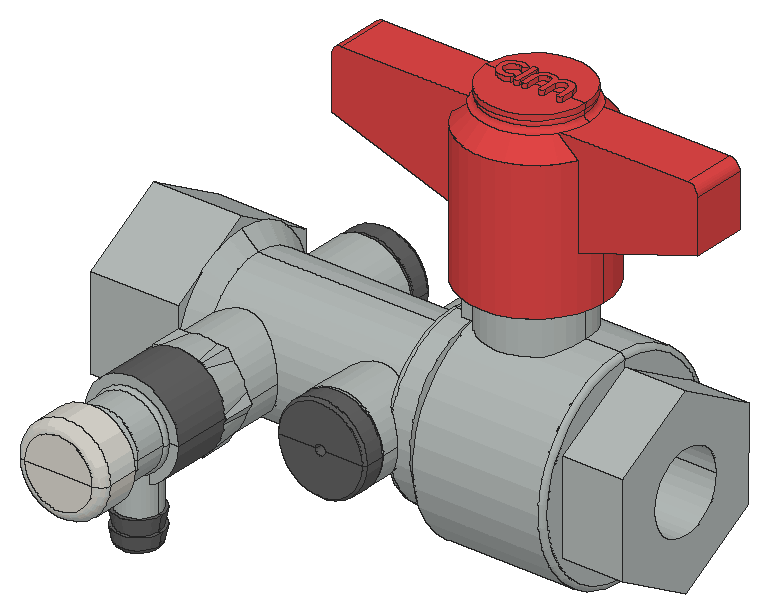
Revit family "QD38000000", category Apparecchi idraulici, Revit 2020
Family settings
  Quota connettore circolare = Usa diametro
  Tipo di parte = Normale
  Numero OmniClass = 23.45.00.00
  Titolo OmniClass = Sanitary, Laundry, and Cleaning Equipment
  Basato su piano di lavoro = No
  Sempre verticale = Sì
  Taglio con vuoti quando caricato = No
  Condiviso = No
  Punto di calcolo locali = No
Parameters
  URL = "https://web.cimberio.it/index.php/figura/214?subcategoria_id=42343"
  Temperatura di esercizio = "-20 ÷ 90°C"
  Prospetto di default = 0 mm
  Produttore = "CIMBERIO SPA"
  Pressione nominale = "PN 16"
  Modello = "Cim 212"
  Materiale = "Prodotto in lega di ottone conforme alla norma EN 12165-CW617N-DW"
  Descrizione = "Impiegato nei più svariati settori dell'impiantistica in condutture anti-ritorno per: reti di distribuzione acqua potabile, impianti di riscaldamento, condizionamento, igienico-sanitari e in generale con ogni fluido non corrosivo."
  DN Model [instance] = QD38002079 : QD38002079
  DN [instance] = 15 mm
  Commenti sul tipo = "Realizzato in ottemperanza ai requisiti gestionali della norma EN ISO 9001.\r\nCollaudato al 100% secondo la normativa EN 12266-1"
Reference planes
  plane 1 "Centro (Fronte/Retro)": y = 0
  plane 2: z = 0
  plane 3 "Centro (Sinistra/Destra)": x = 0
Dimensions and locks
  aligned and locked: level to plane 2
Nested families
  nested 1: "QD38002079" at (0, 0, 0), type <- "DN Model", type "QD38002079"
  nested 2: "QD38002079" at (0, 0, 0), type <- "DN Model", type "QD38002079"
  nested 3: "QD38002079" at (0, 0, 0), type <- "DN Model", type "QD38002079"
Connectors
  piping at (28.6, 0, 0), diameter 15, driven by "DN"
    settings: on nested 1, index 1, connector inside diameter 609.6 mm, connector length 0 mm, flow factor 0, pipe flow 0.0 L/s, pressure drop 0.0 Pa, fitting loss kfactor 0, connector angle 0.00°, fixture units 0, engagement length 0 mm, angle of deflection 0.00°, flow configuration 0, flow direction 0, fitting loss method 0, system type 7, joint type 0, gender type 0, connector reference index -1, connector utility 0, adjustable connector no, is connector primary yes, connector description ""
  piping at (-73, 0, 0), diameter 15, driven by "DN"
    settings: on nested 1, index 2, connector inside diameter 609.6 mm, connector length 0 mm, flow factor 0, pipe flow 0.0 L/s, pressure drop 0.0 Pa, fitting loss kfactor 0, connector angle 0.00°, fixture units 0, engagement length 0 mm, angle of deflection 0.00°, flow configuration 0, flow direction 0, fitting loss method 0, system type 7, joint type 0, gender type 0, connector reference index -1, connector utility 0, adjustable connector no, is connector primary no, connector description ""
Definition of nested family "QD38002079"
  Parameters (values of type "QD38002079")
    Default Elevation = 0 mm
  Reference planes
    plane 1 "Centro (Fronte/Retro)": y = 0
    plane 2: z = 0
    plane 3 "Centro (Sinistra/Destra)": x = 0
  Forms (mm)
    Revolve 1, solid
      sketch origin (0, 0, 13.634) x (1, 0, 0) y (0, 0, 1)
        loop
          line (0, 43.3) -> (-9.25, 43.3) -> (-13, 39.55) -> (-13, 13.273) -> (-7.802, 13.273) -> (-7.802, 39.889) -> (0, 39.889) -> (0, 43.3)
        axis (0, 43.3) -> (0, 13.273)
      angle from 0 to 360
    Extrusion 2, void
      sketch origin (0, 0, 11.134) x (1, 0, 0) y (0, 1, 0)
        loop
          arc (-12.226, -0.772) -> (-7.782, -9.46) -> (1.6, -12.145) r 12.25
          line (1.6, -12.145) -> (1.6, -7.898)
          arc (1.6, -7.898) -> (-2.859, -5.409) -> (-4.999, -0.772) r 8.25
          line (-4.999, -0.772) -> (-12.226, -0.772)
      from 21.96 to 28.8
    Revolve 3, solid
      sketch origin (0, 0, 11.134) x (1, 0, 0) y (0, 0, 1)
        loop
          line (-9.381, 13.852) -> (-9.381, 7.3) -> (0.067, 7.3) -> (0.067, 22.896) -> (-10.085, 22.896) -> (-9.887, 14.5)
          arc (-9.887, 14.5) -> (-9.688, 14.134) -> (-9.381, 13.852) r 1.269
        axis (0.067, 7.3) -> (0.067, 22.896)
      angle from 0 to 360
    Revolve 4, solid
      sketch origin (0, 0, 0) x (1, 0, 0) y (0, 0, 1)
        loop
          line (16.97, -7.5) -> (-56.174, -7.5) -> (-56.174, -15.598) -> (-53.119, -12.55) -> (-17.13, -12.55)
          arc (-17.13, -12.55) -> (-16.423, -12.843) -> (-16.13, -13.55) r 1
          line (-16.13, -13.55) -> (-16.13, -15.31)
          arc (-16.13, -15.31) -> (-15.84, -16.01) -> (-15.14, -16.3) r 0.99
          line (-15.14, -16.3) -> (-11.131, -16.3) -> (-7.881, -19.55) -> (15.97, -19.55)
          arc (15.97, -19.55) -> (16.677, -19.257) -> (16.97, -18.55) r 1
          line (16.97, -18.55) -> (16.97, -7.5)
        axis (16.97, 0) -> (-56.174, 0)
      angle from 0 to 360
    Extrusion 5, solid
      sketch origin (0, 0, 3.134) x (1, 0, 0) y (0, 0, 1)
        loop
          line (-15, 27.3) -> (-15, 23.155) -> (-13, 22) -> (-13, 12.307) -> (-7.367, 12.307) -> (-7.367, 27.3) -> (-15, 27.3)
      from 0 to 1.5
    Revolve 6, solid
      sketch origin (-31.143, -34.767, -0.039) x (1, 0, 0) y (0, 0, 1)
        loop
          line (-17, -20) -> (-13.553, -20)
          arc (-13.553, -20) -> (-13.187, -19.796) -> (-13.022, -19.411) r 0.647
          line (-13.022, -19.411) -> (-12.5, -17) -> (-17, -17) -> (-17, -20)
        axis (-17, -17) -> (-17, -20)
      angle from 0 to 360
    Revolve 7, solid
      sketch origin (-31.143, -34.767, -0.039) x (1, 0, 0) y (0, 0, 1)
        loop
          line (-12.5, -14) -> (-17, -14) -> (-17, -17) -> (-13.15, -17) -> (-12.5, -14)
        axis (-17, -14) -> (-17, -17)
      angle from 0 to 360
    Revolve 8, solid
      sketch origin (-31.143, -34.722, -0.039) x (1, 0, 0) y (0, 0, 1)
        loop
          line (-13.15, -1.135) -> (-17, -1.135) -> (-17, -14) -> (-13.15, -14) -> (-13.15, -1.135)
        axis (-17, -1.135) -> (-17, -14)
      angle from 0 to 360
    Extrusion 9, solid
      sketch origin (-31.001, 1, 0) x (1, 0, 0) y (0, 0, 1)
        loop
          line (-7.65, 0) -> (-12.325, 8.097) -> (-21.675, 8.097) -> (-26.35, 0) -> (-21.675, -8.097) -> (-12.325, -8.097) -> (-7.65, 0)
      from 20.5 to 26.5
    Revolve 10, solid
      sketch origin (-31.001, 1, 0) x (1, 0, 0) y (0, 1, 0)
        loop
          line (-8.5, -20.5) -> (-8.5, -7.5) -> (-17, -7.5) -> (-17, -47.3) -> (-12.353, -47.3) -> (-12.353, -45) -> (-10.936, -45) -> (-10.2, -44.5) -> (-10.2, -38.7)
          arc (-10.2, -38.7) -> (-9.788, -38.157) -> (-9.967, -37.5) r 0.771
          line (-9.967, -37.5) -> (-8, -37.5) -> (-8, -26.5) -> (-8.5, -20.5)
        axis (-17, -7.5) -> (-17, -47.3)
      angle from 0 to 360
    Revolve 11, solid
      sketch origin (-31.001, 1, 0) x (1, 0, 0) y (0, 1, 0)
        loop
          line (-17, -47.3) -> (-17, -55) -> (-10.6, -55)
          arc (-10.6, -55) -> (-9.186, -54.414) -> (-8.6, -53) r 2
          line (-8.6, -53) -> (-8.6, -47.3) -> (-17, -47.3)
        axis (-17, -47.3) -> (-17, -55)
      angle from 0 to 360
    Revolve 12, solid
      sketch origin (-5.001, -1.508, 0) x (1, 0, 0) y (0, 1, 0)
        loop
          line (-25.5, 20.991) -> (-25.5, 8.572) -> (-17, 8.572) -> (-17, 20.991) -> (-25.5, 20.991)
        axis (-17, 20.991) -> (-17, 8.572)
      angle from 0 to 360
    Revolve 13, solid
      sketch origin (-4.923, -1, 0) x (1, 0, 0) y (0, 1, 0)
        loop
          line (-17, 23) -> (-17.857, 23) -> (-17.997, 25) -> (-25, 25) -> (-25.496, 24.388) -> (-25.496, 21) -> (-24.936, 20.44) -> (-17, 20.44) -> (-17, 23)
        axis (-17, 25) -> (-17, 20.44)
      angle from 0 to 360
    Extrusion 14, solid
      sketch origin (0, 0, 0) x (0, 1, 0) y (0, 0, 1)
        loop
          circle (0, 0) r 7.5
        loop
          line (0, 17.35) -> (-15.026, 8.675) -> (-15.026, -8.675) -> (0, -17.35) -> (15.026, -8.675) -> (15.026, 8.675) -> (0, 17.35)
      from 16.97 to 28.6
    Extrusion 15, solid
      sketch origin (0, 0, 0) x (0, 1, 0) y (0, 0, 1)
        loop
          circle (0, 0) r 7.5
        loop
          line (0, 17.5) -> (-15.155, 8.75) -> (-15.155, -8.75) -> (0, -17.5) -> (15.155, -8.75) -> (15.155, 8.75) -> (0, 17.5)
      from -73 to -56.174
    Extrusion 16, solid
      sketch origin (0, 0, 7.134) x (1, 0, 0) y (0, 0, 1)
        loop
          line (-6.487, 49.8) -> (-33, 49.8)
          arc (-33, 49.8) -> (-34.415, 49.214) -> (-35, 47.798) r 2
          line (-35, 47.798) -> (-35, 37.8) -> (-11.756, 30.193) -> (-6.487, 30.193) -> (-6.487, 49.8)
        loop
          line (6.487, 49.8) -> (6.487, 30.193) -> (11.756, 30.193) -> (35, 37.8) -> (35, 47.798)
          arc (35, 47.798) -> (34.415, 49.214) -> (33, 49.8) r 2
          line (33, 49.8) -> (6.487, 49.8)
      from -5 to 5
    Revolve 17, solid
      sketch origin (-5.001, 1.508, 0) x (1, 0, 0) y (0, 1, 0)
        loop
          line (-25.5, -20.991) -> (-17, -20.991) -> (-17, -8.572) -> (-25.5, -8.572) -> (-25.5, -20.991)
        axis (-17, -20.991) -> (-17, -8.572)
      angle from 0 to 360
    Revolve 18, solid
      sketch origin (-4.923, 1, 0) x (1, 0, 0) y (0, 1, 0)
        loop
          line (-17, -23) -> (-17, -20.44) -> (-24.936, -20.44) -> (-25.496, -21) -> (-25.496, -24.388) -> (-25, -25) -> (-17.997, -25) -> (-17.857, -23) -> (-17, -23)
        axis (-17, -25) -> (-17, -20.44)
      angle from 0 to 360
    Revolve 19, solid
      sketch origin (-30.998, -1.508, 0) x (1, 0, 0) y (0, 1, 0)
        loop
          line (-25.5, 20.991) -> (-25.5, 8.572) -> (-17, 8.572) -> (-17, 20.991) -> (-25.5, 20.991)
        axis (-17, 20.991) -> (-17, 8.572)
      angle from 0 to 360
    Revolve 20, solid
      sketch origin (-30.92, -1, 0) x (1, 0, 0) y (0, 1, 0)
        loop
          line (-17, 23) -> (-17.857, 23) -> (-17.997, 25) -> (-25, 25) -> (-25.496, 24.388) -> (-25.496, 21) -> (-24.936, 20.44) -> (-17, 20.44) -> (-17, 23)
        axis (-17, 25) -> (-17, 20.44)
      angle from 0 to 360
    Revolve 21, solid
      sketch origin (0, 0, 0) x (1, 0, 0) y (0, 0, 1)
        loop
          line (0, 59.934) -> (0, 56.934) -> (10.242, 56.934)
          arc (10.242, 56.934) -> (9.547, 57.222) -> (9.259, 57.916) r 0.983
          arc (9.259, 57.916) -> (9.145, 58.515) -> (8.704, 58.934) r 0.992
          line (8.704, 58.934) -> (9.5, 58.934) -> (9.5, 59.934) -> (0, 59.934)
        axis (0, 59.934) -> (0, 56.934)
      angle from 0 to 360
    Extrusion 22, solid
      sketch origin (0, 0, 59.934) x (1, 0, 0) y (0, 1, 0)
        loop
          arc (-3.395, -1.825) -> (-3.228, -1.138) -> (-3.915, -0.972) r 0.5
          arc (-3.915, -0.972) -> (-6.197, 0.309) -> (-3.915, 1.59) r 1.5
          arc (-3.915, 1.59) -> (-3.228, 1.756) -> (-3.395, 2.443) r 0.5
          arc (-3.395, 2.443) -> (-7.197, 0.309) -> (-3.395, -1.825) r 2.5
        loop
          line (-2.695, 2.309) -> (-2.695, -1.691)
          arc (-2.695, -1.691) -> (-2.195, -2.191) -> (-1.695, -1.691) r 0.5
          line (-1.695, -1.691) -> (-1.695, 2.309)
          arc (-1.695, 2.309) -> (-2.195, 2.809) -> (-2.695, 2.309) r 0.5
        loop
          arc (-1.195, -1.691) -> (-0.695, -2.191) -> (-0.195, -1.691) r 0.5
          line (-0.195, -1.691) -> (-0.195, 0.635)
          arc (-0.195, 0.635) -> (0.979, 1.809) -> (2.153, 0.635) r 1.174
          line (2.153, 0.635) -> (2.153, -1.691)
          arc (2.153, -1.691) -> (2.653, -2.191) -> (3.153, -1.691) r 0.5
          line (3.153, -1.691) -> (3.153, 0.635)
          arc (3.153, 0.635) -> (4.327, 1.809) -> (5.501, 0.635) r 1.174
          line (5.501, 0.635) -> (5.501, -1.691)
          arc (5.501, -1.691) -> (6.001, -2.191) -> (6.501, -1.691) r 0.5
          line (6.501, -1.691) -> (6.501, 0.635)
          arc (6.501, 0.635) -> (5.064, 2.68) -> (2.653, 2.022) r 2.174
          arc (2.653, 2.022) -> (0.242, 2.68) -> (-1.195, 0.635) r 2.174
          line (-1.195, 0.635) -> (-1.195, -1.691)
      from 0 to 0.752
  Cuts and joins
    Extrusion 2 cuts Revolve 1
    joined: Revolve 3, Revolve 4
  Dimensions and locks
    aligned and locked: level to plane 2
